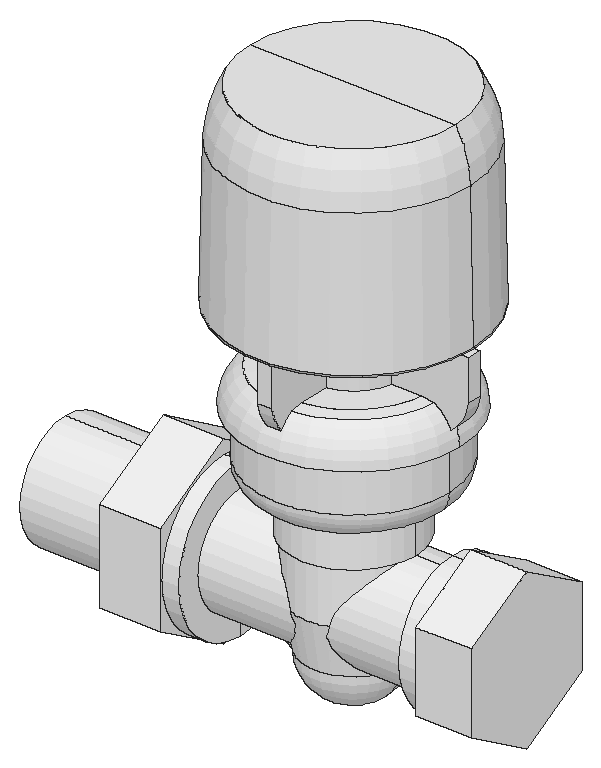
Revit family "RA-DV_Straight_DN10-20_D_Aveo_RFA_1", category Pipe Accessories, Revit 2019 (continued)
Definition of nested family "Schematic_Pressure Independent TRV_Sensor_Straight"
  Dimensions and locks
    aligned and locked: plane 25 to curve 27
    aligned and locked: plane 26 to curve 27
    aligned and locked: curve 27 to plane 24
    aligned and locked: plane 3 "Center (Left/Right)" to curve 28
    aligned and locked: plane 27 to curve 28
    aligned and locked: plane 24 to curve 28
  Automatic sketch dimensions
    curve 4 to plane 7 = 0.0 mm
    curve 4 to plane 10 = 0.0 mm
    curve 5 to level = 0.0 mm
    curve 5 to plane 3 "Center (Left/Right)" = 0.0 mm
    curve 6 to plane 6 = 0.0 mm
    curve 6 to plane 9 = 0.0 mm
    curve 8 to plane 16 = 0.0 mm
    curve 9 to plane 16 = 0.0 mm
    curve 7 to plane 7 = 0.0 mm
    curve 7 to level = 0.0 mm
    curve 4 to level = 0.0 mm
    curve 3 to plane 6 = 0.0 mm
    plane 13 to curve 24 = 0.0 mm
    curve 24 to plane 21 = 0.0 mm
    plane 1 "Center (Front/Back)" to curve 14 = 0.0 mm
    curve 14 to plane 3 "Center (Left/Right)" = 0.0 mm
    curve 23 to plane 22 = 0.0 mm
    plane 17 to curve 18 = 0.0 mm
    plane 12 to curve 10 = 0.0 mm
    plane 12 to curve 13 = 0.0 mm
    plane 11 to curve 15 = 0.0 mm
    plane 11 to curve 12 = 0.0 mm
    curve 29 to plane 25 = 0.0 mm
    curve 29 to plane 26 = 0.0 mm
    curve 29 to plane 28 = 0.0 mm
    curve 30 to plane 3 "Center (Left/Right)" = 0.0 mm
    curve 30 to plane 29 = 0.0 mm
    curve 30 to plane 28 = 0.0 mm
Types (4, lengths in mm): name | Weight | TT | TB | T2 | T1 | Sensor Type | SH_L | R8 | PTR | PTL | PHR | PHL | Model Type | Model | LR2 | LR | LL3 | LL2 | LL | L | Hex22 | Hex2 | Hex11 | Hex1 | HB2 | H | D | A2 | A1
  (no name) | 0.22 kg | 18.35 | 18.35 | 13.2 | 12.7 | Aveo Sensors_RA_RFA : Aveo Sensors_Built-in_7-21 °C_015G4180 | 83.9 | 13.5 | 4.2 | 4.0 | 15.6 | 18.1 | "RA-DV_Straight_DN20_D" | "013G7726" | 12.9 | 40.0 | 14.0 | 36.5 | 66.4 | 106.4 | 31.7 | 36.6 | 36.7 | 42.4 | 10.5 | 126.5 | 20.0 | 8.3 | 3.0
  RA-DV_Straight_DN10_D_013G7722 | 0.25 kg | 15.6 | 15.6 | 8.165 | 10.25 | Aveo Sensors_RA_RFA : Aveo Sensors_Built-in_7-21 °C_015G4180 | 64.252 | 12.7 | 5.0 | 3.6 | 8.962 | 13.1 | "RA-DV_Straight_DN10_D" | "013G7722" | 9.6 | 31.952 | 8.5 | 27.3 | 51.1 | 83.052 | 21.7 | 25.1 | 27.0 | 31.2 | 10.0 | 126.0 | 10.0 | 7.8 | 5.439
  RA-DV_Straight_DN15_D_013G7724 | 0.30 kg | 15.0 | 15.0 | 10.5 | 11.6 | Aveo Sensors_RA_RFA : Aveo Sensors_Remote_7-21 °C_015G4182 | 74.6 | 12.7 | 8.7 | 4.0 | 12.7 | 14.7 | "RA-DV_Straight_DN15_D" | "013G7724" | 10.0 | 39.5 | 9.0 | 29.4 | 55.5 | 95.0 | 26.7 | 30.8 | 30.0 | 34.6 | 10.0 | 126.0 | 15.0 | 7.8 | 5.439
  RA-DV_Straight_DN20_D_013G7726 | 0.22 kg | 18.35 | 18.35 | 13.2 | 12.7 | Aveo Sensors_RA_RFA : Aveo Sensors_Built-in_7-21 °C_015G4180 | 83.9 | 13.5 | 4.2 | 4.0 | 15.6 | 18.1 | "RA-DV_Straight_DN20_D" | "013G7726" | 12.9 | 40.0 | 14.0 | 36.5 | 66.4 | 106.4 | 31.7 | 36.6 | 36.7 | 42.4 | 10.5 | 126.5 | 20.0 | 8.3 | 3.0
